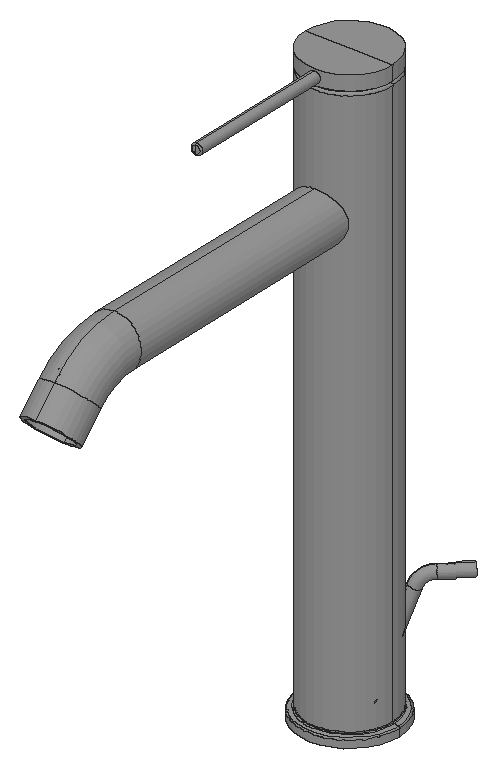
Revit family "Faucet-Lavatory-KOHLER-COMPONENTS-K-77959T", category Plumbing Fixtures, host Face, Revit 2017
Family settings
  Host = Face
  Round Connector Dimension = Use Diameter
  Part Type = Normal
  OmniClass Number = 23.31.11.00
  OmniClass Title = Faucets
  Cut with Voids When Loaded = No
  Shared = No
  Room Calculation Point = No
Parameters (values of type "Not a Type - See Type Catalog")
  Width = 1 7/8"  # constant formula
  WaterSense Certified = 1 = 0  # no
  Waste Water Outlet = "Waste Water Outlet"  # constant formula
  Waste Connection = 1 = 0  # no
  Vent Connection = 1 = 0  # no
  URL = "http://www.kohler.com.cn/en/"
  Type = 0
  Spout Reach = 7"  # constant formula
  Product Page URL = "http://www.kohler.com.cn/product/K-77959T-4A/K-77959T-4A-CP/"
  Product Name = "COMPONENTS"  # constant formula
  Product Documentation Link = "http://files.kohler.com.cn/pdfs/1535615687333_1285730-2-A(77958T-4A%2077959T-4A%2077960T-4A).pdf"
  Pressure = 0.00 psi
  Model = if(Type = 1, "K-77959T-4A-CP", if(Type = 2, "K-77959T-4A -BN", if(Type = 3, "K-77959T-4A -2BL", if(Type = 4, "K-77959T-4A -AF", if(Type = 5, "K-77959T-4A -RGD", if(Type = 6, "K-77959T-4A-3GC", if(Type = 7, "K-77959T-4A-TT", if(Type = 8, "K-77959T-4AND-CP", if(Type = 9, "K-77959T-4AND-AF", if(Type = 10, "K-77959T-4AND-RGD", if(Type = 11, "K-77959T-4AND-BN", "NA")))))))))))  # "NA"
  Material = "Premium Metal Construction"  # constant formula
  Master Format 2014 Name = "Residential Faucets, Supplies, and Trim"  # constant formula
  Master Format 2014 = "22 41 39"  # constant formula
  Manufacturer Address = "158 Jiangchang 3rd Road Zhabei District Shanghai, 200436 China "  # constant formula
  Manufacturer = "KOHLER Co."  # constant formula
  Lift Rod = not(Type > 7)  # yes
  Length = Spout Reach  # 7"
  Hot Water Inlet = "Hot Water Inlet"  # constant formula
  Height = 11 1/4"  # constant formula
  Handle Clearance = 3 19/32"  # constant formula
  HW Connection = 1 = 1  # yes
  Flow Rate = 0 GPM
  Finish = Default
  Environmental Product Declaration = ""
  Drain Included = if(Type > 7, 1 = 0, 1 = 1)  # yes
  Description = "Single handle bowl faucet"  # constant formula
  Default Elevation = 36"
  Declare Label = ""
  Date Modified = "04/23/2020"  # constant formula
  Date Created = "04/23/2020"  # constant formula
  Copyright = "Copyright KOHLER Co."  # constant formula
  Contact Us = "http://www.kohler.com.cn/en/contact/contact-us/"
  Cold Water Inlet = "Cold Water Inlet"  # constant formula
  CW Connection = 1 = 1  # yes
  Assembly Code = "D2010"
  ADA Compliant = 1 = 0  # no
Reference planes (in)
  plane 1 "Center (Front/Back)": y = 0
  plane 2: z = 0
  plane 3 "Center (Left/Right)": x = 0
  plane 4: x = 0.9375
  plane 5: x = -0.9375
  plane 6: y = -7.375
  plane 7: y = -3.59284
  plane 8: y = -0.9375
  plane 9: y = 0.9375
  plane 10: z = 11.25
  plane 11: y = -7
  plane 12: z = 7.87402
  plane 13: y = 1.3947
  plane 14: through (7.375, -4.74542, 48) normal (-0.7071, -0.7071, 0)
  plane 15: z = 2.375
  plane 16: y = 0.81693
  plane 17: y = -0.81693
  plane 18: z = 9.2403
  plane 19: z = 8.2403
  plane 20: z = 11.21377
  plane 21: z = 11.01692
  plane 22: z = 8.7403
  plane 23: x = -0.81693
  plane 24: x = 0.81693
  plane 25: x = 1.3976
  plane 26: x = -0.37323
  plane 27: x = 0.37323
  plane 28: x = 0.5
  plane 29: x = -0.49997
Dimensions and locks (in)
  "Width": plane 5 to plane 4
  "Height": level to plane 10
  "Handle Clearance": plane 7 to nested 1
  "Spout Reach": plane 1 "Center (Front/Back)" to plane 11
  locked: plane 15 to level at 2.375
  locked: plane 9 to plane 8 at 1.875
  plane 16 to plane 17 = 1.63386"
  locked: plane 12 to level at 7.87402
  locked: plane 20 to plane 21 at 0.19685
  locked: plane 18 to plane 19 at 1
  locked: plane 1 "Center (Front/Back)" to plane 6 at 7.375
  locked: plane 24 to plane 23 at 1.63386
  "Length": plane 11 to plane 1 "Center (Front/Back)"
  aligned and locked: plane 2 to host face
  aligned and locked: level to host face
Automatic sketch dimensions
  host sketch curve to host sketch curve = 96"  (x2)
Nested families (in)
  nested 1: "K-77959T" at (0, 0.00091, 0), type "K-77959T"
Connectors (in)
  piping at (-0.37323, 0.00091, 0), diameter 0.5, driven by "HW Connection", driven by "Hot Water Inlet"
    settings: on nested 1, index 1, connector inside diameter 24", connector length 0", flow factor 0, pipe flow 0 GPM, pressure drop 0.00 psi, fitting loss kfactor 0, connector angle 0.00°, fixture units 0, engagement length 0", angle of deflection 0.00°, flow configuration 0, flow direction 1, fitting loss method 0, system type 19, joint type 0, gender type 0, connector reference index -1, connector utility 1, adjustable connector no, is connector primary yes, connector description "Hot Water Inlet"
  piping at (0.37323, 0.00091, 0), diameter 0.5, driven by "CW Connection", driven by "Cold Water Inlet"
    settings: on nested 1, index 2, connector inside diameter 24", connector length 0", flow factor 0, pipe flow 0 GPM, pressure drop 0.00 psi, fitting loss kfactor 0, connector angle 0.00°, fixture units 0, engagement length 0", angle of deflection 0.00°, flow configuration 0, flow direction 1, fitting loss method 0, system type 20, joint type 0, gender type 0, connector reference index -1, connector utility 1, adjustable connector no, is connector primary no, connector description "Cold Water Inlet"
Definition of nested family "K-77959T"
  Parameters (values of type "K-77959T")
    Material = none
    4A = yes
  Reference planes (in)
    plane 1 "Center (Front/Back)": y = 0
    plane 2: z = 0
    plane 3 "Center (Left/Right)": x = 0
    plane 4: x = -0.9375
    plane 5: x = 0.9375
    plane 6: x = -0.81693
    plane 7: z = 11.25
    plane 8: z = 10.97441
    plane 9: z = 7.87402
    plane 10: x = 7.375
    plane 11 "Lift rod": through (1.31479, 1.31479, 48) normal (0.7071, -0.7071, 0)
    plane 12: y = -7.375
    plane 13: y = -7
    plane 14: z = 2.375
    plane 15: y = 0.9375
    plane 16: y = -0.9375
    plane 17: y = 1.3947
    plane 18: y = -3.59284
    plane 19: through (1.23488, 1.3947, 48) normal (0.7071, 0.7071, 0)
    plane 20: z = 0.16285
    plane 21: x = -0.37323
    plane 22: x = 0.37323
    plane 23: x = 1.3976
  Forms (in)
    Revolve 1, solid, material <- "Material", detail levels medium+fine
      sketch origin (0, 0, 0) x (1, 0, 0) y (0, 0, 1)
        loop
          line (-0.9375, 0) -> (0, 0) -> (0, 11.25) -> (-0.81693, 11.25) -> (-0.81693, 10.97441) -> (-0.66114, 10.97441) -> (-0.784, 10.94149)
          arc (-0.784, 10.94149) -> (-0.80775, 10.92562) -> (-0.81693, 10.89857) r 0.04443
          line (-0.81693, 10.89857) -> (-0.81693, 0.20466)
          arc (-0.81693, 0.20466) -> (-0.81056, 0.19015) -> (-0.79556, 0.18504) r 0.01969
          arc (-0.79556, 0.18504) -> (-0.81971, 0.1849) -> (-0.84355, 0.18105) r 0.15656
          line (-0.84355, 0.18105) -> (-0.9188, 0.16285)
          arc (-0.9188, 0.16285) -> (-0.93227, 0.1542) -> (-0.9375, 0.13909) r 0.02444
          line (-0.9375, 0.13909) -> (-0.9375, 0)
        axis (0, 11.25) -> (0, 0)
      angle from 0 to 360
    Revolve 2, solid, material <- "Material", detail levels medium+fine
      sketch origin (0, -0.6355, 0.10156) x (0, -1, 0) y (0, 0, 1)
        loop
          line (-0.03459, 11.1122) -> (-0.03459, 11.01378) -> (2.95753, 11.01378) -> (2.95753, 11.09187)
          arc (2.95753, 11.09187) -> (2.95157, 11.10625) -> (2.93719, 11.1122) r 0.02034
          line (2.93719, 11.1122) -> (-0.03459, 11.1122)
        axis (-0.03459, 11.01378) -> (2.95753, 11.01378)
      angle from 0 to 360
    Sweep 3, solid, material <- "Material", detail levels medium+fine
      path origin (0, 0, 0) x (0, 1, 0) y (0, 0, 1)
        loop
          line (-7.00354, 7.86142) -> (-6.56399, 8.30096)
          arc (-6.56399, 8.30096) -> (-6.07736, 8.62612) -> (-5.50333, 8.7403) r 1.5
          line (-5.50333, 8.7403) -> (-0.47206, 8.7403)
      profile origin (0, -2.98769, 8.7403) x (0, 0, 1) y (1, 0, 0)
        loop
          circle (0, 0) r 0.5
    Revolve 4, void
      sketch origin (0, 0, 0) x (0, 1, 0) y (0, 0, 1)
        loop
          line (-7.00354, 7.86142) -> (-6.405, 8.45995) -> (-6.71121, 8.7662) -> (-7.30976, 8.16764) -> (-7.00354, 7.86142)
        axis (-7.00354, 7.86142) -> (-6.40498, 8.45997)
      angle from 0 to 360
    Sweep 5, solid, material <- "Material", visible <- "4A"
      path origin (0, 0, 0) x (0.707107, 0.707107, 0) y (0, 0, 1)
        loop
          line (1.85939, 2.375) -> (1.27831, 2.375)
          arc (1.27831, 2.375) -> (1.08378, 2.31366) -> (0.95961, 2.15184) r 0.33916
          line (0.95961, 2.15184) -> (0.2764, 0.27474)
      profile origin (1.10934, 1.10934, 2.375) x (0, 0, -1) y (0.707107, -0.707107, 0)
        loop
          circle (0, 0) r 0.11301
    Extrusion 6, solid, material <- "Material", detail levels coarse
      sketch origin (0, 0, 0) x (1, 0, 0) y (0, 1, 0)
        loop
          circle (0, 0) r 0.9375
      from 0 to 11.25
    Sweep 7, solid, material <- "Material", detail levels coarse
      path origin (0, 0, 0) x (0, 1, 0) y (0, 0, 1)
        loop
          line (-7.00354, 7.86142) -> (-6.51277, 8.35218)
          arc (-6.51277, 8.35218) -> (-6.08287, 8.63943) -> (-5.57577, 8.7403) r 1.32512
          line (-5.57577, 8.7403) -> (-0.32577, 8.7403)
      profile origin (0, -0.32577, 8.7403) x (0, 0, -1) y (1, 0, 0)
        loop
          circle (-0.0259, 0) r 0.54922
    Extrusion 8, solid, material <- "Material", detail levels coarse
      sketch origin (0, 0, 0) x (1, 0, 0) y (0, 0, 1)
        loop
          circle (0, 11.05722) r 0.13273
      from 0 to 3.44443
    Extrusion 9, solid, material <- "Material", detail levels medium+fine
      sketch origin (0, 0, 0) x (1, 0, 0) y (0, 1, 0)
        loop
          circle (-0.37323, 0) r 0.04485
        loop
          circle (0.37323, 0) r 0.04485
      from 0 to 0.06037
  Cuts and joins
    Revolve 4 cuts Sweep 3
    joined: Revolve 1, Revolve 2, Sweep 3
  Lines and regions (in)
    Masking region 1
      outline origin (0, 0, 0) x (1, 0, 0) y (0, 0, 1)
        loop
          line (-0.9375, 0) -> (0, 0) -> (0.9375, 0) -> (0.9375, 0.13909)
          arc (0.9375, 0.13909) -> (0.93227, 0.1542) -> (0.9188, 0.16285) r 0.02444
          line (0.9188, 0.16285) -> (0.84355, 0.18105)
          arc (0.84355, 0.18105) -> (0.81971, 0.1849) -> (0.79556, 0.18504) r 0.15656
          arc (0.79556, 0.18504) -> (0.81056, 0.19015) -> (0.81693, 0.20466) r 0.01969
          line (0.81693, 0.20466) -> (0.81693, 10.89857)
          arc (0.81693, 10.89857) -> (0.80775, 10.92562) -> (0.784, 10.94149) r 0.04443
          line (0.784, 10.94149) -> (0.66114, 10.97441) -> (0.81693, 10.97441) -> (0.81693, 11.25) -> (0, 11.25) -> (-0.81693, 11.25) -> (-0.81693, 10.97441) -> (-0.66114, 10.97441) -> (-0.784, 10.94149)
          arc (-0.784, 10.94149) -> (-0.80775, 10.92562) -> (-0.81693, 10.89857) r 0.04443
          line (-0.81693, 10.89857) -> (-0.81693, 0.20466)
          arc (-0.81693, 0.20466) -> (-0.81056, 0.19015) -> (-0.79556, 0.18504) r 0.01969
          arc (-0.79556, 0.18504) -> (-0.81971, 0.1849) -> (-0.84355, 0.18105) r 0.15656
          line (-0.84355, 0.18105) -> (-0.9188, 0.16285)
          arc (-0.9188, 0.16285) -> (-0.93227, 0.1542) -> (-0.9375, 0.13909) r 0.02444
          line (-0.9375, 0.13909) -> (-0.9375, 0)
    Masking region 2
      outline origin (0, 0, 0) x (0, 1, 0) y (0, 0, 1)
        loop
          line (0.9375, 0) -> (0.9375, 0.13909)
          arc (0.9375, 0.13909) -> (0.93227, 0.1542) -> (0.9188, 0.16285) r 0.02444
          line (0.9188, 0.16285) -> (0.84355, 0.18105)
          arc (0.84355, 0.18105) -> (0.81971, 0.1849) -> (0.79556, 0.18504) r 0.15656
          arc (0.79556, 0.18504) -> (0.81056, 0.19015) -> (0.81693, 0.20466) r 0.01969
          line (0.81693, 0.20466) -> (0.81693, 10.89857)
          arc (0.81693, 10.89857) -> (0.80775, 10.92562) -> (0.784, 10.94149) r 0.04443
          line (0.784, 10.94149) -> (0.66114, 10.97441) -> (0.81693, 10.97441) -> (0.81693, 11.22151)
          arc (0.81693, 11.22151) -> (0.80858, 11.24165) -> (0.78843, 11.25) r 0.02849
          line (0.78843, 11.25) -> (0, 11.25) -> (-0.81693, 11.25) -> (-0.81693, 11.21377) -> (-3.57295, 11.21377)
          arc (-3.57295, 11.21377) -> (-3.58701, 11.20794) -> (-3.59283, 11.19389) r 0.01988
          line (-3.59283, 11.19389) -> (-3.59283, 11.0376)
          arc (-3.59283, 11.0376) -> (-3.58677, 11.02297) -> (-3.57215, 11.01692) r 0.02068
          line (-3.57215, 11.01692) -> (-0.81693, 11.01692) -> (-0.81693, 10.97441) -> (-0.66114, 10.97441) -> (-0.784, 10.94149)
          arc (-0.784, 10.94149) -> (-0.80775, 10.92562) -> (-0.81693, 10.89857) r 0.04443
          line (-0.81693, 10.89857) -> (-0.81693, 9.2403) -> (-5.48973, 9.2403)
          arc (-5.48973, 9.2403) -> (-6.26766, 9.08556) -> (-6.92716, 8.6449) r 2.03283
          line (-6.92716, 8.6449) -> (-7.375, 8.19706) -> (-6.64998, 7.50786) -> (-6.21841, 7.93944)
          arc (-6.21841, 7.93944) -> (-5.88516, 8.16211) -> (-5.49206, 8.2403) r 1.02722
          line (-5.49206, 8.2403) -> (-0.81693, 8.2403) -> (-0.81693, 0.20466)
          arc (-0.81693, 0.20466) -> (-0.81056, 0.19015) -> (-0.79556, 0.18504) r 0.01969
          arc (-0.79556, 0.18504) -> (-0.81971, 0.1849) -> (-0.84355, 0.18105) r 0.15656
          line (-0.84355, 0.18105) -> (-0.9188, 0.16285)
          arc (-0.9188, 0.16285) -> (-0.93227, 0.1542) -> (-0.9375, 0.13909) r 0.02444
          line (-0.9375, 0.13909) -> (-0.9375, 0) -> (0, 0) -> (0.9375, 0)
    Masking region 3
      outline origin (0, 0, 0) x (1, 0, 0) y (0, 1, 0)
        loop
          arc (0.9375, 0) -> (0, 0.9375) -> (-0.9375, 0) r 0.9375
          arc (-0.9375, 0) -> (-0.82086, -0.45287) -> (-0.49997, -0.79305) r 0.9375
          line (-0.49997, -0.79305) -> (-0.49997, -7)
          spline (-0.49997, -7) -> (-0.48294, -7.09693) -> (-0.43299, -7.18726) -> (-0.35353, -7.26482) -> (-0.24998, -7.32434) -> (-0.12939, -7.36176) -> (0.00001, -7.37452) -> (0.12942, -7.36176) -> (0.25001, -7.32434) -> (0.35356, -7.26482) -> (0.43301, -7.18726) -> (0.48296, -7.09693) -> (0.5, -7)
          line (0.5, -7) -> (0.5, -0.79304)
          arc (0.5, -0.79304) -> (0.82087, -0.45286) -> (0.9375, 0) r 0.9375
    Masking region 4, visible <- "4A"
      outline origin (0, 0, 0) x (1, 0, 0) y (0, 0, 1)
        loop
          line (1.31479, 2.48801) -> (0.81693, 2.48801) -> (0.81693, 2.26199) -> (1.31479, 2.26199)
          spline (1.31479, 2.26199) -> (1.33547, 2.26584) -> (1.35474, 2.27713) -> (1.37129, 2.29509) -> (1.38399, 2.3185) -> (1.39197, 2.34575) -> (1.3947, 2.375) -> (1.39197, 2.40425) -> (1.38399, 2.4315) -> (1.37129, 2.45491) -> (1.35474, 2.47287) -> (1.33547, 2.48416) -> (1.31479, 2.48801)
    Masking region 5, visible <- "4A"
      outline origin (0, 0, 0) x (0, 1, 0) y (0, 0, 1)
        loop
          spline (1.31479, 2.26199) -> (1.33547, 2.26584) -> (1.35474, 2.27713) -> (1.37129, 2.29509) -> (1.38399, 2.3185) -> (1.39197, 2.34575) -> (1.3947, 2.375) -> (1.39197, 2.40425) -> (1.38399, 2.4315) -> (1.37129, 2.45491) -> (1.35474, 2.47287) -> (1.33547, 2.48416) -> (1.31479, 2.48801)
          line (1.31479, 2.48801) -> (0.81693, 2.48801) -> (0.81693, 2.26199) -> (1.31479, 2.26199)
    Masking region 6, visible <- "4A"
      outline origin (0, 0, 0) x (1, 0, 0) y (0, 1, 0)
        loop
          line (1.23488, 1.3947) -> (0.57817, 0.73799)
          arc (0.57817, 0.73799) -> (0.66291, 0.66291) -> (0.73799, 0.57817) r 0.9375
          line (0.73799, 0.57817) -> (1.3947, 1.23488) -> (1.23488, 1.3947)
    symbolic lines, detail levels medium+fine
      curve 1: line (-0.66114, 0, 10.97441) -> (0.66114, 0, 10.97441)
      curve 2: circle (0, 0, 11.11534) r 0.09843 normal (0, 1, 0)
      curve 3: arc (0.49706, 0, 8.79443) -> (0.00009, 0, 9.2403) -> (-0.49704, 0, 8.79461) r 0.5
      curve 4: line (-0.49704, 0, 8.79461) -> (-0.49704, 0, 7.89982)
      curve 5: line (0.49706, 0, 8.79443) -> (0.49706, 0, 7.89969)
      curve 6: spline (-0.5, 0, 7.86142) -> (-0.48296, 0, 7.76991) -> (-0.43301, 0, 7.68464) -> (-0.35355, 0, 7.61142) -> (-0.25, 0, 7.55523) -> (-0.12941, 0, 7.51991) -> (0, 0, 7.50786) -> (0.12941, 0, 7.51991) -> (0.25, 0, 7.55523) -> (0.35355, 0, 7.61142) -> (0.43301, 0, 7.68464) -> (0.48296, 0, 7.76991) -> (0.5, 0, 7.86142) -> (0.48296, 0, 7.95292) -> (0.43301, 0, 8.03819) -> (0.35355, 0, 8.11142) -> (0.25, 0, 8.1676) -> (0.12941, 0, 8.20292) -> (0, 0, 8.21497) -> (-0.12941, 0, 8.20292) -> (-0.25, 0, 8.1676) -> (-0.35355, 0, 8.11142) -> (-0.43301, 0, 8.03819) -> (-0.48296, 0, 7.95292) -> (-0.5, 0, 7.86142)
      curve 7: spline (0.43307, 0, 7.86142) -> (0.41831, 0, 7.78216) -> (0.37505, 0, 7.7083) -> (0.30623, 0, 7.64488) -> (0.21654, 0, 7.59622) -> (0.11209, 0, 7.56562) -> (0, 0, 7.55519) -> (-0.11209, 0, 7.56562) -> (-0.21654, 0, 7.59622) -> (-0.30623, 0, 7.64488) -> (-0.37505, 0, 7.7083) -> (-0.41831, 0, 7.78216) -> (-0.43307, 0, 7.86142) -> (-0.41831, 0, 7.94067) -> (-0.37505, 0, 8.01453) -> (-0.30623, 0, 8.07795) -> (-0.21654, 0, 8.12662) -> (-0.11209, 0, 8.15721) -> (0, 0, 8.16764) -> (0.11209, 0, 8.15721) -> (0.21654, 0, 8.12662) -> (0.30623, 0, 8.07795) -> (0.37505, 0, 8.01453) -> (0.41831, 0, 7.94067) -> (0.43307, 0, 7.86142)
      curve 8: line (0, -0.81693, 9.2403) -> (0, -0.81693, 8.2403)
      curve 9: line (0, -0.81693, 11.21377) -> (0, -0.81693, 11.01692)
      curve 10: line (0, 0.66114, 10.97441) -> (0, -0.66114, 10.97441)
      curve 11: line (0, 0.79556, 0.18504) -> (0, -0.79556, 0.18504)
      curve 12: line (0, 0.9188, 0.16285) -> (0, -0.9188, 0.16285)
      curve 13: line (-0.09843, -0.93232, 0) -> (-0.09843, -3.57084, 0)
      curve 14: line (0.09843, -0.93232, 0) -> (0.09843, -3.57216, 0)
      curve 15: line (0.07775, -3.59284, 0) -> (-0.07643, -3.59284, 0)
      curve 16: arc (0.09843, -3.57216, 0) -> (0.09237, -3.58678, 0) -> (0.07775, -3.59284, 0) r 0.02067
      curve 17: arc (-0.09843, -3.57084, 0) -> (-0.09198, -3.5864, 0) -> (-0.07643, -3.59284, 0) r 0.02199
      curve 18: circle (0, 0, 0) r 0.81693 normal (0, 0, -1)
      curve 19: line (-0.49997, -0.79305, 0) -> (-0.49997, -0.64606, 0)
      curve 20: line (0.5, -0.79304, 0) -> (0.5, -0.64604, 0)
      curve 21: line (0.09843, -0.93232, 0) -> (0.09843, -0.81098, 0)
      curve 22: line (-0.09843, -0.93232, 0) -> (-0.09843, -0.81098, 0)
      curve 23: line (-0.79556, 0, 0.18504) -> (0.79556, 0, 0.18504)
      curve 24: line (0.9188, 0, 0.16285) -> (-0.9188, 0, 0.16285)
  Dimensions and locks (in)
    plane 3 "Center (Left/Right)" to plane 4 = 15/16"  (x2)
    plane 3 "Center (Left/Right)" to plane 6 = 0.81693"
    plane 7 to level = 11 1/4"
    plane 5 to plane 3 "Center (Left/Right)" = 15/16"
    plane 9 to level = 7.87402"
    plane 10 to plane 3 "Center (Left/Right)" = 7 3/8"
    plane 1 "Center (Front/Back)" to plane 12 = 7 3/8"
    plane 1 "Center (Front/Back)" to plane 13 = 7"
    plane 14 to level = 2 3/8"
    aligned and locked: plane 2 to level
Types in the file's own list only (11): name | Type | Product Page URL | Product Documentation Link | Model | Manufacturer Address | Lift Rod | Handle Clearance | Finish | Drain Included
  With Drain, CP-Polished Chrome | 1 | "http://www.kohler.com.cn/product/K-77959T-4A/K-77959T-4A-CP/" | "http://files.kohler.com.cn/pdfs/1535615687333_1285730-2-A(77958T-4A%2077959T-4A%2077960T-4A).pdf" | "K-77959T-4A-CP" | "158 Jiangchang 3rd Road Zhabei District Shanghai, 200436 China" | Yes | 3 5/8" | Kohler-Metal-CP-Polished_Chrome | Yes
  With Drain, BN-Roman silver | 2 | "http://www.kohler.com.cn/product/K-77959T-4A/K-77959T-4A-BN/" | "http://files.kohler.com.cn/pdfs/1535615687333_1285730-2-A(77958T-4A%2077959T-4A%2077960T-4A).pdf" | "K-77959T-4A -BN" | "158 Jiangchang 3rd Road Zhabei District Shanghai, 200436 China" | Yes | 3 5/8" | Kohler-Metal-BN-Roman_Silver | Yes
  With Drain, 2BL-Original Black | 3 | "http://www.kohler.com.cn/product/K-77959T-4A/K-77959T-4A-2BL/" | "http://files.kohler.com.cn/pdfs/1535615687333_1285730-2-A(77958T-4A%2077959T-4A%2077960T-4A).pdf" | "K-77959T-4A -2BL" | "158 Jiangchang 3rd Road Zhabei District Shanghai, 200436 China" | Yes | 3 5/8" | Kohler-Metal-2BL-Original_Black | Yes
  With Drain, AF- Flange Gold | 4 | "http://www.kohler.com.cn/product/K-77959T-4A/K-77959T-4A-AF/" | "http://files.kohler.com.cn/pdfs/1535615687333_1285730-2-A(77958T-4A%2077959T-4A%2077960T-4A).pdf" | "K-77959T-4A -AF" | "158 Jiangchang 3rd Road Zhabei District Shanghai, 200436 China" | Yes | 3 5/8" | Kohler-Metal-AF-Flange_Gold | Yes
  With Drain, RGD-Rose Gold | 5 | "http://www.kohler.com.cn/product/K-77959T-4A/K-77959T-4A-RGD/" | "http://files.kohler.com.cn/pdfs/1535615687333_1285730-2-A(77958T-4A%2077959T-4A%2077960T-4A).pdf" | "K-77959T-4A -RGD" | "158 Jiangchang 3rd Road Zhabei District Shanghai, 200436 China" | Yes | 3 5/8" | Kohler-Metal-RGD-Rose_Gold | Yes
  Without Drain, CP-Polished Chrome | 8 |  |  | "K-77959T-4AND-CP" | "158 Jiangchang 3rd Road Zhabei District Shanghai, 200436 China" | No | 3 5/8" | Kohler-Metal-CP-Polished_Chrome | No
  With Drain, 3GC-Black Gold | 6 | "http://www.kohler.com.cn/product/K-77959T-4A/K-77959T-4A-3GC/" | "http://files.kohler.com.cn/pdfs/1535615687333_1285730-2-A(77958T-4A%2077959T-4A%2077960T-4A).pdf" | "K-77959T-4A-3GC" | "158 Jiangchang 3rd Road Zhabei District Shanghai, 200436 China" | Yes | 3 5/8" | Kohler-Metal-3GC-Black_Gold | Yes
  With Drain, TT- Titanium Silver | 7 | "http://www.kohler.com.cn/product/K-77959T-4A/K-77959T-4A-TT/" | "http://files.kohler.com.cn/pdfs/1535615687333_1285730-2-A(77958T-4A%2077959T-4A%2077960T-4A).pdf" | "K-77959T-4A-TT" | "158 Jiangchang 3rd Road Zhabei District Shanghai, 200436 China" | Yes | 3 5/8" | Kohler-Metal-TT-Titanium_Silver | Yes
  Without Drain, AF- Flange Gold | 9 |  |  | "K-77959T-4AND-AF" | "158 Jiangchang 3rd Road Zhabei District Shanghai, 200436 China" | No | 3 5/8" | Kohler-Metal-AF-Flange_Gold | No
  Without Drain, RGD-Rose Gold | 10 |  |  | "K-77959T-4AND-RGD" | "158 Jiangchang 3rd Road Zhabei District Shanghai, 200436 China" | No | 3 5/8" | Kohler-Metal-RGD-Rose_Gold | No
  Without Drain, BN-Roman silver | 11 |  |  | "K-77959T-4AND-BN" | "158 Jiangchang 3rd Road Zhabei District Shanghai, 200436 China" | No | 3 5/8" | Kohler-Metal-BN-Roman_Silver | No
